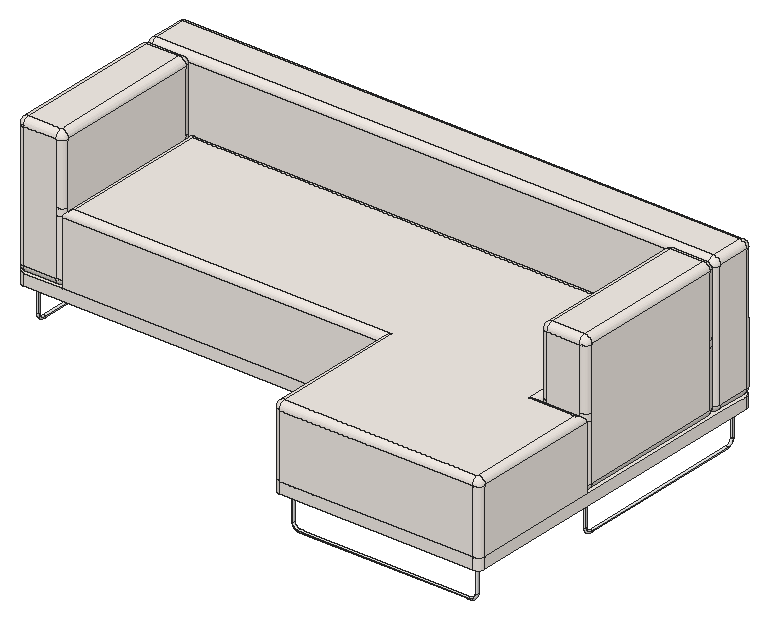
Revit family
Parameters (values of type "Black Leather")
  Seat Material = Textile - Leather - Black
  Leg Material = Metal - Aluminium
  Frame Material = Textile - Leather - Black
  Assembly Code = "E2020200"
Reference planes
  plane 1 "Center (Front/Back)": y = 146.154
  plane 2: z = 0
  plane 3 "Center (Left/Right)": x = 75.37
  plane 4: y = 476.354
  plane 5: x = 1330.37
  plane 6: x = -1179.63
  plane 7: x = -976.63
  plane 8: y = 273.354
  plane 9: z = 688.975
  plane 10: z = 127
  plane 11: y = -326.921
  plane 12: y = 400.154
  plane 13: x = -1078.142
  plane 14: y = -433.646
  plane 15: y = -1023.646
  plane 16: x = 420.37
  plane 17: x = 1127.37
  plane 18: x = 1228.883
Forms (mm)
  Extrusion 1, solid, material "Textile - Linen, Smooth"
    sketch origin (0, 0, 0) x (1, 0, 0) y (0, 1, 0)
      loop
        arc (-1149.63, 476.354) -> (-1170.843, 467.567) -> (-1179.63, 446.354) r 30
        line (-1179.63, 446.354) -> (-1179.63, -403.646)
        arc (-1179.63, -403.646) -> (-1170.843, -424.859) -> (-1149.63, -433.646) r 30
        line (-1149.63, -433.646) -> (420.37, -433.646) -> (420.37, -993.646)
        arc (420.37, -993.646) -> (429.157, -1014.859) -> (450.37, -1023.646) r 30
        line (450.37, -1023.646) -> (1300.37, -1023.646)
        arc (1300.37, -1023.646) -> (1321.584, -1014.859) -> (1330.37, -993.646) r 30
        line (1330.37, -993.646) -> (1330.37, 446.354)
        arc (1330.37, 446.354) -> (1321.584, 467.567) -> (1300.37, 476.354) r 30
        line (1300.37, 476.354) -> (-1149.63, 476.354)
    from 100 to 150
  Extrusion 2, solid, material "Textile - Linen, Smooth"
    sketch origin (420.37, -433.646, 0) x (-1, 0, 0) y (0, 0, -1)
      loop
        line (1570, -150) -> (1427, -150)
        arc (1427, -150) -> (1405.787, -158.787) -> (1397, -180) r 30
        line (1397, -180) -> (1397, -730)
        arc (1397, -730) -> (1405.787, -751.213) -> (1427, -760) r 30
        line (1427, -760) -> (1570, -760)
        arc (1570, -760) -> (1591.213, -751.213) -> (1600, -730) r 30
        line (1600, -730) -> (1600, -180)
        arc (1600, -180) -> (1591.213, -158.787) -> (1570, -150) r 30
    from -707 to 0
  Extrusion 3, solid, material "Textile - Linen, Smooth"
    sketch origin (-269.63, -433.646, 0) x (1, 0, 0) y (0, 0, 1)
      loop
        arc (1570, 150) -> (1591.213, 158.787) -> (1600, 180) r 30
        line (1600, 180) -> (1600, 730)
        arc (1600, 730) -> (1591.213, 751.213) -> (1570, 760) r 30
        line (1570, 760) -> (1427, 760)
        arc (1427, 760) -> (1405.787, 751.213) -> (1397, 730) r 30
        line (1397, 730) -> (1397, 180)
        arc (1397, 180) -> (1405.787, 158.787) -> (1427, 150) r 30
        line (1427, 150) -> (1570, 150)
    from -707 to 0
  Extrusion 4, solid, material "Textile - Linen, Smooth"
    sketch origin (623.37, -1123.646, 0) x (0, 1, 0) y (0, 0, -1)
      loop
        line (1570, -150) -> (1427, -150)
        arc (1427, -150) -> (1405.787, -158.787) -> (1397, -180) r 30
        line (1397, -180) -> (1397, -730)
        arc (1397, -730) -> (1405.787, -751.213) -> (1427, -760) r 30
        line (1427, -760) -> (1570, -760)
        arc (1570, -760) -> (1591.213, -751.213) -> (1600, -730) r 30
        line (1600, -730) -> (1600, -180)
        arc (1600, -180) -> (1591.213, -158.787) -> (1570, -150) r 30
    from -707 to 1803
  Extrusion 5, solid, material "Textile - Linen, Smooth"
    sketch origin (0, 0, 0) x (1, 0, 0) y (0, 1, 0)
      loop
        line (-976.63, -433.646) -> (420.37, -433.646) -> (420.37, -993.646)
        arc (420.37, -993.646) -> (429.157, -1014.859) -> (450.37, -1023.646) r 30
        line (450.37, -1023.646) -> (1300.37, -1023.646)
        arc (1300.37, -1023.646) -> (1321.584, -1014.859) -> (1330.37, -993.646) r 30
        line (1330.37, -993.646) -> (1330.37, -433.646) -> (1127.37, -433.646) -> (1127.37, 273.354) -> (-976.63, 273.354) -> (-976.63, -433.646)
    from 150 to 460
  Sweep 6, void
    path origin (0, 0, 460) x (1, 0, 0) y (0, 1, 0)
      loop
        line (-976.63, -433.646) -> (420.37, -433.646) -> (420.37, -993.646)
        arc (420.37, -993.646) -> (429.157, -1014.859) -> (450.37, -1023.646) r 30
        line (450.37, -1023.646) -> (1300.37, -1023.646)
        arc (1300.37, -1023.646) -> (1321.584, -1014.859) -> (1330.37, -993.646) r 30
        line (1330.37, -993.646) -> (1330.37, -433.646) -> (1127.37, -433.646) -> (1127.37, 273.354) -> (-976.63, 273.354) -> (-976.63, -433.646)
    profile origin (-278.13, -433.646, 460) x (0, 1, 0) y (0, 0, 1)
      loop
        line (0, 0) -> (0, -29)
        arc (0, -29) -> (8.494, -8.494) -> (29, 0) r 29
        line (29, 0) -> (0, 0)
  Sweep 7, void
    path origin (420.37, -433.646, 0) x (-1, 0, 0) y (0, 0, -1)
      loop
        line (1427, -760) -> (1570, -760)
        arc (1570, -760) -> (1591.213, -751.213) -> (1600, -730) r 30
        line (1600, -730) -> (1600, -180)
        arc (1600, -180) -> (1591.213, -158.787) -> (1570, -150) r 30
        line (1570, -150) -> (1427, -150)
        arc (1427, -150) -> (1405.787, -158.787) -> (1397, -180) r 30
        line (1397, -180) -> (1397, -431) -> (1397, -460) -> (1397, -730)
        arc (1397, -730) -> (1405.787, -751.213) -> (1427, -760) r 30
    profile origin (-1078.13, -433.646, 760) x (0, 0, -1) y (0, -1, 0)
      loop
        line (0, 0) -> (0, -29)
        arc (0, -29) -> (8.494, -8.494) -> (29, 0) r 29
        line (29, 0) -> (0, 0)
      loop
        line (0, -707) -> (29, -707)
        arc (29, -707) -> (8.494, -698.506) -> (0, -678) r 29
        line (0, -678) -> (0, -707)
  Sweep 8, void
    path origin (-269.63, -433.646, 0) x (1, 0, 0) y (0, 0, 1)
      loop
        line (1570, 760) -> (1427, 760)
        arc (1427, 760) -> (1405.787, 751.213) -> (1397, 730) r 30
        line (1397, 730) -> (1397, 460) -> (1397, 431) -> (1397, 180)
        arc (1397, 180) -> (1405.787, 158.787) -> (1427, 150) r 30
        line (1427, 150) -> (1570, 150)
        arc (1570, 150) -> (1591.213, 158.787) -> (1600, 180) r 30
        line (1600, 180) -> (1600, 431) -> (1600, 460) -> (1600, 730)
        arc (1600, 730) -> (1591.213, 751.213) -> (1570, 760) r 30
    profile origin (1228.87, -433.646, 760) x (0, 0, -1) y (0, -1, 0)
      loop
        line (0, 0) -> (0, -29)
        arc (0, -29) -> (8.494, -8.494) -> (29, 0) r 29
        line (29, 0) -> (0, 0)
      loop
        line (0, -707) -> (29, -707)
        arc (29, -707) -> (8.494, -698.506) -> (0, -678) r 29
        line (0, -678) -> (0, -707)
  Sweep 9, void
    path origin (1330.37, -1123.646, 0) x (0, 1, 0) y (0, 0, -1)
      loop
        arc (1570, -760) -> (1591.213, -751.213) -> (1600, -730) r 30
        line (1600, -730) -> (1600, -180)
        arc (1600, -180) -> (1591.213, -158.787) -> (1570, -150) r 30
        line (1570, -150) -> (1427, -150)
        arc (1427, -150) -> (1405.787, -158.787) -> (1397, -180) r 30
        line (1397, -180) -> (1397, -730)
        arc (1397, -730) -> (1405.787, -751.213) -> (1427, -760) r 30
        line (1427, -760) -> (1570, -760)
    profile origin (1330.37, 374.854, 760) x (0, 0, 1) y (-1, 0, 0)
      loop
        line (0, 0) -> (0, 29)
        arc (0, 29) -> (-8.494, 8.494) -> (-29, 0) r 29
        line (-29, 0) -> (0, 0)
      loop
        line (0, 2510) -> (-29, 2510)
        arc (-29, 2510) -> (-8.494, 2501.506) -> (0, 2481) r 29
        line (0, 2481) -> (0, 2510)
  Sweep 10, solid, material "chrom"
    path origin (1330.37, -1023.646, 0) x (-1, 0, 0) y (0, 0, -1)
      loop
        line (860, -100) -> (860, 20)
        arc (860, 20) -> (851.213, 41.213) -> (830, 50) r 30
        line (830, 50) -> (80, 50)
        arc (80, 50) -> (58.787, 41.213) -> (50, 20) r 30
        line (50, 20) -> (50, -100)
    profile origin (470.37, -1023.646, 40) x (0, -1, 0) y (1, 0, 0)
      loop
        circle (-50, 0) r 5
  Sweep 11, solid, material "chrom"
    path origin (-1079.63, 480.493, 0) x (0, -1, 0) y (0, 0, -1)
      loop
        line (860, -100) -> (860, 20)
        arc (860, 20) -> (851.213, 41.213) -> (830, 50) r 30
        line (830, 50) -> (80, 50)
        arc (80, 50) -> (58.787, 41.213) -> (50, 20) r 30
        line (50, 20) -> (50, -100)
    profile origin (-1079.63, -379.507, 40) x (1, 0, 0) y (0, 1, 0)
      loop
        circle (-50, 0) r 5
  Sweep 12, solid, material "chrom"
    path origin (1230.37, 480.493, 0) x (0, -1, 0) y (0, 0, 1)
      loop
        line (860, 100) -> (860, -20)
        arc (860, -20) -> (851.213, -41.213) -> (830, -50) r 30
        line (830, -50) -> (80, -50)
        arc (80, -50) -> (58.787, -41.213) -> (50, -20) r 30
        line (50, -20) -> (50, 100)
    profile origin (1230.37, -379.507, 40) x (-1, 0, 0) y (0, -1, 0)
      loop
        circle (-50, 0) r 5
Cuts and joins
  Sweep 6, Sweep 7, Sweep 9 cuts Extrusion 2
  Sweep 6, Sweep 8, Sweep 9 cuts Extrusion 3
  Sweep 6, Sweep 9 cuts Extrusion 4
  Sweep 6, Sweep 7, Sweep 8, Sweep 9 cuts Extrusion 5
  Sweep 7, Sweep 8, Sweep 9 cuts Extrusion 1
Dimensions and locks
  equal spacing: plane 6, plane 3 "Center (Left/Right)", plane 5
  plane 6 to plane 5 = 2510 mm
  aligned and locked: plane 6 to Extrusion 1 sketch curve
  aligned and locked: plane 4 to Extrusion 1 sketch curve
  aligned and locked: Extrusion 1 sketch curve to plane 14
  aligned and locked: Extrusion 1 sketch curve to plane 16
  aligned and locked: plane 5 to Extrusion 1 sketch curve
  aligned and locked: Extrusion 1 sketch curve to plane 15
Automatic sketch dimensions
  Extrusion 1 sketch curve to plane 6 = 30 mm  (x2)
  Extrusion 1 sketch curve to plane 16 = 30 mm
  plane 5 to Extrusion 1 sketch curve = 30 mm  (x2)
  Extrusion 2 sketch curve to Extrusion 1 = 0 mm  (x3)
  Extrusion 1 to Extrusion 2 sketch curve = 143 mm  (x2)
  Extrusion 2 sketch curve to Extrusion 2 sketch curve = 30 mm  (x2)
  Extrusion 2 sketch curve to Extrusion 2 sketch curve = 550 mm
  Extrusion 3 sketch curve to Extrusion 1 = 0 mm
  Extrusion 3 sketch curve to Extrusion 1 = 30 mm
  Extrusion 1 to Extrusion 3 sketch curve = 707 mm
  Extrusion 3 sketch curve to Extrusion 3 sketch curve = 30 mm  (x2)
  Extrusion 3 sketch curve to Extrusion 3 sketch curve = 143 mm  (x2)
  Extrusion 3 sketch curve to Extrusion 3 sketch curve = 550 mm
  Extrusion 4 sketch curve to plane 8 = 0 mm
  Extrusion 4 sketch curve to plane 4 = 0 mm
  Extrusion 4 sketch curve to plane 10 = 23 mm
  Extrusion 4 sketch curve to plane 8 = 30 mm  (x2)
  plane 4 to Extrusion 4 sketch curve = 30 mm  (x2)
  Extrusion 4 sketch curve to plane 9 = 41.025 mm
  Extrusion 5 sketch curve to plane 7 = 0 mm
  Extrusion 5 sketch curve to plane 16 = 0 mm
  Extrusion 5 sketch curve to plane 15 = 0 mm
  Extrusion 5 sketch curve to plane 8 = 0 mm
  Extrusion 5 sketch curve to plane 17 = 0 mm
  Extrusion 5 sketch curve to plane 5 = 0 mm
  Extrusion 5 sketch curve to plane 14 = 0 mm  (x2)
  Extrusion 5 sketch curve to plane 15 = 30 mm
  plane 5 to Extrusion 5 sketch curve = 30 mm
  Sweep 6 sketch curve to Extrusion 5 = 0 mm  (x6)
  Sweep 6 sketch curve to Extrusion 5 = 30 mm
  Sweep 6 sketch curve to profile plane = 0 mm  (x3)
  Sweep 6 sketch curve to profile plane = 29 mm
  Sweep 6 sketch curve to Sweep 6 sketch curve = 0 mm  (x2)
  Sweep 7 sketch curve to Extrusion 2 = 30 mm  (x2)
  Sweep 7 sketch curve to Sweep 7 sketch curve = 270 mm
  Sweep 7 sketch curve to Sweep 7 sketch curve = 29 mm
  Sweep 7 sketch curve to profile plane = 0 mm  (x4)
  Sweep 7 sketch curve to profile plane = 29 mm  (x3)
  Sweep 7 sketch curve to Sweep 7 sketch curve = 0 mm  (x4)
  Sweep 7 sketch curve to Sweep 7 sketch curve = 649 mm
  Sweep 8 sketch curve to Sweep 8 sketch curve = 30 mm
  Sweep 8 sketch curve to Extrusion 3 = 30 mm
  Sweep 8 sketch curve to Sweep 8 sketch curve = 251 mm
  Sweep 8 sketch curve to Sweep 8 sketch curve = 0 mm  (x4)
  Sweep 8 sketch curve to Sweep 8 sketch curve = 29 mm  (x3)
  Sweep 8 sketch curve to profile plane = 0 mm  (x4)
  Sweep 8 sketch curve to profile plane = 29 mm  (x3)
  Sweep 8 sketch curve to Sweep 8 sketch curve = 649 mm
  Extrusion 4 to Sweep 9 sketch curve = 30 mm  (x2)
  Sweep 9 sketch curve to profile plane = 0 mm  (x4)
  Sweep 9 sketch curve to Sweep 9 sketch curve = 29 mm
  Sweep 9 sketch curve to Sweep 9 sketch curve = 0 mm  (x5)
  profile plane to Sweep 9 sketch curve = 29 mm
  Sweep 9 sketch curve to Sweep 9 sketch curve = 2452 mm
  Sweep 10 sketch curve to Extrusion 1 = 0 mm  (x2)
  Sweep 10 sketch curve to Extrusion 1 = 20 mm
  Sweep 10 sketch curve to Sweep 10 sketch curve = 30 mm
  Extrusion 1 to Sweep 10 sketch curve = 50 mm
  Extrusion 1 to Sweep 10 sketch curve = 20 mm
  Sweep 10 sketch curve to Extrusion 1 = 120 mm
  Sweep 10 sketch curve to profile plane = 0 mm
  Sweep 10 sketch curve to profile plane = 50 mm
  Sweep 11 sketch curve to plane 12 = 30.339 mm
  Sweep 11 sketch curve to plane 12 = 0.339 mm
  plane 11 to Sweep 11 sketch curve = 22.586 mm
  Sweep 11 sketch curve to level = 20 mm
  Sweep 11 sketch curve to Sweep 11 sketch curve = 30 mm
  plane 10 to Sweep 11 sketch curve = 27 mm  (x2)
  Sweep 11 sketch curve to profile plane = 0 mm
  Sweep 11 sketch curve to profile plane = 50 mm
  Sweep 12 sketch curve to plane 12 = 30.339 mm
  Sweep 12 sketch curve to plane 12 = 0.339 mm
  plane 11 to Sweep 12 sketch curve = 22.586 mm
  Sweep 12 sketch curve to level = 20 mm
  Sweep 12 sketch curve to Sweep 12 sketch curve = 30 mm
  plane 10 to Sweep 12 sketch curve = 27 mm  (x2)
  Sweep 12 sketch curve to profile plane = 0 mm
  Sweep 12 sketch curve to profile plane = 50 mm
  radius of Sweep 6 sketch curve to Extrusion 5 = 0 mm
  radius of Sweep 7 sketch curve to Extrusion 2 = 0 mm  (x2)
  radius of Sweep 8 sketch curve to Extrusion 3 = 0 mm  (x2)
  radius of Sweep 9 sketch curve to Extrusion 4 = 0 mm  (x2)
  radius of Sweep 10 sketch curve = 5 mm
  radius of Sweep 11 sketch curve = 5 mm
  radius of Sweep 12 sketch curve = 5 mm
